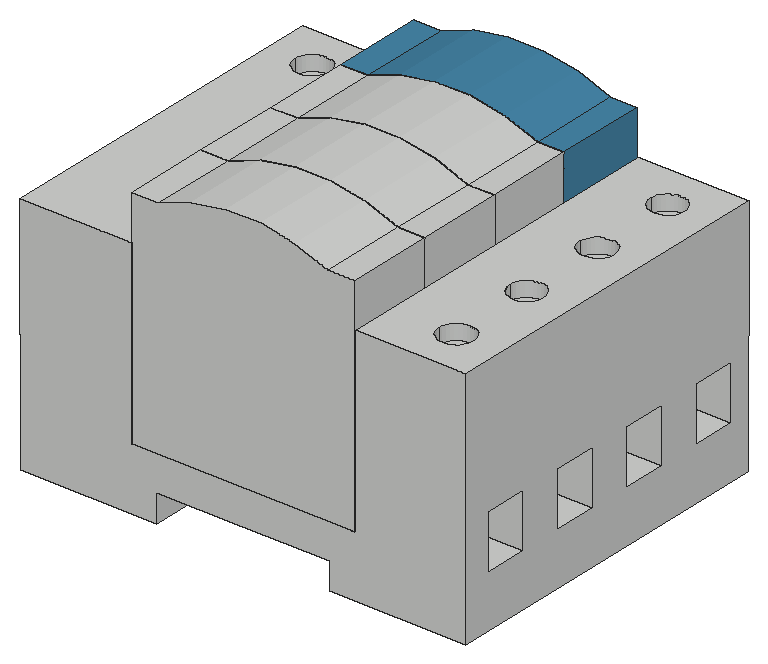
Revit family "Überspannungsableiter 3-polig + NPE", category Generic Models, Revit 2015
Parameters (values of type "V10-C 3+NPE-320")
  Width = 90 mm
  URL = "http://www.obo-bettermann.com"
  Material 2 = OBO PA GF20 RAL 5017
  Material = OBO PA 6 GF20
  Manufacturer Art.No. = "5094924"
  Manufacturer = "OBO Bettermann"
  Length = 71.2 mm
  Height = 60 mm
  GTIN = "4012195363934"
  Diameter = 7 mm
  Cut depth = 12 mm
  Article Type = "V10-C 3+NPE-320"
Types (3, lengths in mm): name | Manufacturer Art.No. | GTIN | Article Type
  (no name) | "5094924" | "4012195363934" | "V10-C 3+NPE-320"
  V10-C 3+NPE | "5094920" | "4012195363903" | "V10-C 3+NPE"
  V10-C 3+NPE-320 | "5094924" | "4012195363934" | "V10-C 3+NPE-320"
Reference planes
  plane 1 "Center (Front/Back)": y = 0
  plane 2: z = 0
  plane 3 "Center (Left/Right)": x = 0
  plane 4: z = 54.998
  plane 5: y = 27
  plane 6: y = -44.2
  plane 7: z = 37
  plane 8: z = 48
  plane 9: z = 46
  plane 10: z = 58
  plane 11: z = 60
  plane 12: x = 30.5
  plane 13: y = -26.6
  plane 14: y = -9
  plane 15: y = 8.6
  plane 16: x = -30.5
Forms (mm)
  Extrusion 1, solid, material "OBO PA 6 GF20" <- "Material"
    sketch origin (0, 0, 0) x (1, 0, 0) y (0, 0, 1)
      loop
        line (0, 5.5) -> (17.5, 5.5) -> (17.5, 0) -> (45, 0) -> (45, 49) -> (-45, 49) -> (-45, 0) -> (-17.5, 0) -> (-17.5, 5.5) -> (0, 5.5)
    from -27 to 44.2
  Extrusion 2, void
    sketch origin (0, 0, 0) x (1, 0, 0) y (0, 0, 1)
      loop
        line (-22.55, 49) -> (-22.55, 12.55) -> (22.55, 12.55) -> (22.55, 49) -> (-22.55, 49)
    from -27 to 44.2
  Extrusion 3, solid, material "OBO PA 6 GF20" <- "Material"
    sketch origin (0, 0, 0) x (1, 0, 0) y (0, 0, 1)
      loop
        line (-22.55, 12.55) -> (22.541, 12.55) -> (22.541, 58) -> (17.141, 58)
        arc (17.141, 58) -> (-0.004, 61.8) -> (-17.15, 58) r 40.581
        line (-17.15, 58) -> (-22.55, 58) -> (-22.55, 12.55)
    from 26.6 to 44.2
  Extrusion 4, void
    sketch origin (0, 0, 0) x (0, 1, 0) y (0, 0, 1)
      loop
        line (22.7, 21.7) -> (13.7, 21.7) -> (13.7, 10.7) -> (22.7, 10.7) -> (22.7, 21.7)
      loop
        line (5.2, 21.7) -> (-3.8, 21.7) -> (-3.8, 10.7) -> (5.2, 10.7) -> (5.2, 21.7)
      loop
        line (-12.3, 21.7) -> (-21.3, 21.7) -> (-21.3, 10.7) -> (-12.3, 10.7) -> (-12.3, 21.7)
      loop
        line (-38.8, 21.7) -> (-38.8, 10.7) -> (-29.8, 10.7) -> (-29.8, 21.7) -> (-38.8, 21.7)
    from 30.5 to 45
  Extrusion 5, solid, material "OBO PA 6 GF20" <- "Material"
    sketch origin (0, 0, 0) x (1, 0, 0) y (0, 0, 1)
      loop
        arc (17.141, 58) -> (-0.004, 61.8) -> (-17.15, 58) r 40.581
        line (-17.15, 58) -> (-22.55, 58) -> (-22.55, 12.55) -> (22.541, 12.55) -> (22.541, 58) -> (17.141, 58)
    from 9 to 26.6
  Extrusion 6, solid, material "OBO PA 6 GF20" <- "Material"
    sketch origin (0, 0, 0) x (1, 0, 0) y (0, 0, 1)
      loop
        arc (17.141, 58) -> (-0.004, 61.8) -> (-17.15, 58) r 40.581
        line (-17.15, 58) -> (-22.55, 58) -> (-22.55, 12.55) -> (22.541, 12.55) -> (22.541, 58) -> (17.141, 58)
    from -8.6 to 9
  Extrusion 7, solid, material "OBO PA GF20 RAL 5017" <- "Material 2"
    sketch origin (0, 0, 0) x (1, 0, 0) y (0, 0, 1)
      loop
        arc (17.141, 58) -> (-0.004, 61.8) -> (-17.15, 58) r 40.581
        line (-17.15, 58) -> (-22.55, 58) -> (-22.55, 12.55) -> (22.541, 12.55) -> (22.541, 58) -> (17.141, 58)
    from -27 to -8.6
  Extrusion 8, void
    sketch origin (0, 0, 0) x (0, 1, 0) y (0, 0, 1)
      loop
        line (22.7, 21.7) -> (13.7, 21.7) -> (13.7, 10.7) -> (22.7, 10.7) -> (22.7, 21.7)
    from -45 to -30.5
  Extrusion 9, void
    sketch origin (0, 0, 0) x (1, 0, 0) y (0, 1, 0)
      loop
        circle (35.9, 18.1) r 3.5
      loop
        circle (35.9, 0.3) r 3.5
      loop
        circle (35.9, -17.5) r 3.5
      loop
        circle (35.9, -35.3) r 3.5
    from 46 to 49
  Extrusion 10, void
    sketch origin (0, 0, 0) x (1, 0, 0) y (0, 1, 0)
      loop
        circle (-35.9, 18.1) r 3.5
    from 46 to 49
Cuts and joins
  Extrusion 2, Extrusion 4, Extrusion 8, Extrusion 9, Extrusion 10 cuts Extrusion 1
  Extrusion 4 cuts Extrusion 3
  Extrusion 8 cuts Extrusion 7
Dimensions and locks
  locked: Extrusion 1 sketch curve to plane 3 "Center (Left/Right)" at 45
  locked: Extrusion 1 sketch curve to level at 5.5
  locked: Extrusion 1 sketch curve to plane 3 "Center (Left/Right)" at 17.5
  "Width": Extrusion 1 sketch curve to Extrusion 1 sketch curve
  locked: plane 3 "Center (Left/Right)" to Extrusion 1 sketch curve at 17.5
  locked: Extrusion 1 sketch curve to level at 49
  "Length": plane 5 to plane 6
  locked: plane 8 to plane 9 at 2
  Extrusion 2 sketch curve to Extrusion 2 sketch curve = 45.1 mm
  equal spacing: Extrusion 2 sketch curve, plane 3 "Center (Left/Right)", Extrusion 2 sketch curve, locked at 22.55 each
  locked: Extrusion 1 to Extrusion 2 sketch curve at 36.45
  locked: plane 10 to cut or joined group of Extrusion 1, Extrusion 2, Extrusion 4, Extrusion 8, Extrusion 9, Extrusion 10 at 9
  "Height": plane 11 to level
  locked: Extrusion 3 sketch curve to Extrusion 3 sketch curve at 5.4  (x2)
  locked: plane 5 to plane 1 "Center (Front/Back)" at 27
  locked: cut or joined group of Extrusion 1, Extrusion 2, Extrusion 4, Extrusion 8, Extrusion 9, Extrusion 10 to plane 12 at 14.5
  locked: plane 6 to plane 13 at 17.6
  plane 14 to plane 13 = 17.6 mm
  plane 15 to plane 14 = 17.6 mm
  locked: Extrusion 4 sketch curve to Extrusion 4 sketch curve at 9  (x4)
  locked: Extrusion 4 sketch curve to cut or joined group of Extrusion 1, Extrusion 2, Extrusion 4, Extrusion 8, Extrusion 9, Extrusion 10 at 4.3
  locked: Extrusion 4 sketch curve to Extrusion 4 sketch curve at 11
  locked: cut or joined group of Extrusion 1, Extrusion 2, Extrusion 4, Extrusion 8, Extrusion 9, Extrusion 10 to Extrusion 4 sketch curve at 10.7
  locked: Extrusion 4 sketch curve to Extrusion 4 sketch curve at 8.5  (x3)
  locked: plane 16 to cut or joined group of Extrusion 1, Extrusion 2, Extrusion 4, Extrusion 8, Extrusion 9, Extrusion 10 at 14.5
  locked: cut or joined group of Extrusion 1, Extrusion 2, Extrusion 4, Extrusion 8, Extrusion 9, Extrusion 10 to Extrusion 9 sketch curve at 8.9
  locked: Extrusion 9 sketch curve to cut or joined group of Extrusion 1, Extrusion 2, Extrusion 4, Extrusion 8, Extrusion 9, Extrusion 10 at 9.1  (x4)
  locked: Extrusion 9 sketch curve to Extrusion 9 sketch curve at 17.8  (x3)
  locked: cut or joined group of Extrusion 1, Extrusion 2, Extrusion 4, Extrusion 8, Extrusion 9, Extrusion 10 to Extrusion 10 sketch curve at 9.1
  locked: cut or joined group of Extrusion 1, Extrusion 2, Extrusion 4, Extrusion 8, Extrusion 9, Extrusion 10 to Extrusion 10 sketch curve at 8.9
  radius of Extrusion 3 sketch curve = 40.581 mm
  "Diameter": diameter of Extrusion 9 sketch curve  (x4)
  "Diameter": diameter of Extrusion 10 sketch curve
  aligned and locked: level to plane 2
  aligned and locked: Extrusion 1 to plane 5
  aligned and locked: plane 6 to Extrusion 1
  aligned and locked: level to Extrusion 1 sketch curve
  aligned and locked: Extrusion 2 sketch curve to Extrusion 1
  aligned and locked: Extrusion 1 to Extrusion 2  (x2)
  aligned and locked: cut or joined group of Extrusion 1, Extrusion 2, Extrusion 4, Extrusion 8, Extrusion 9, Extrusion 10 to Extrusion 3 sketch curve
  aligned and locked: Extrusion 3 sketch curve to cut or joined group of Extrusion 1, Extrusion 2, Extrusion 4, Extrusion 8, Extrusion 9, Extrusion 10
  aligned and locked: Extrusion 3 sketch curve to plane 10  (x2)
  aligned and locked: Extrusion 4 to plane 12
  aligned and locked: Extrusion 1 to Extrusion 4
  aligned and locked: Extrusion 3 to cut or joined group of Extrusion 1, Extrusion 2, Extrusion 4, Extrusion 8, Extrusion 9, Extrusion 10
  aligned and locked: plane 13 to Extrusion 3
  aligned and locked: Extrusion 5 sketch curve to cut or joined group of Extrusion 3, Extrusion 4  (x6)
  aligned and locked: plane 14 to Extrusion 5
  aligned and locked: Extrusion 5 to cut or joined group of Extrusion 3, Extrusion 4
  aligned and locked: Extrusion 6 sketch curve to cut or joined group of Extrusion 3, Extrusion 4  (x6)
  aligned and locked: plane 15 to Extrusion 6
  aligned and locked: Extrusion 6 to plane 14
  aligned and locked: Extrusion 7 sketch curve to cut or joined group of Extrusion 3, Extrusion 4  (x6)
  aligned and locked: Extrusion 7 to plane 5
  aligned and locked: Extrusion 7 to plane 15
  aligned and locked: Extrusion 4 sketch curve to Extrusion 4 sketch curve  (x6)
  aligned and locked: Extrusion 8 sketch curve to cut or joined group of Extrusion 1, Extrusion 2, Extrusion 4, Extrusion 8, Extrusion 9, Extrusion 10  (x4)
  aligned and locked: Extrusion 1 to Extrusion 8
  aligned and locked: plane 16 to Extrusion 8
  aligned and locked: Extrusion 9 to plane 9
  aligned and locked: Extrusion 1 to Extrusion 9
  aligned and locked: Extrusion 10 to plane 9
  aligned and locked: Extrusion 1 to Extrusion 10
Automatic sketch dimensions
  Extrusion 1 sketch curve to plane 3 "Center (Left/Right)" = 0 mm
  Extrusion 1 sketch curve to level = 0 mm
  Extrusion 3 sketch curve to plane 3 "Center (Left/Right)" = 0.004 mm
